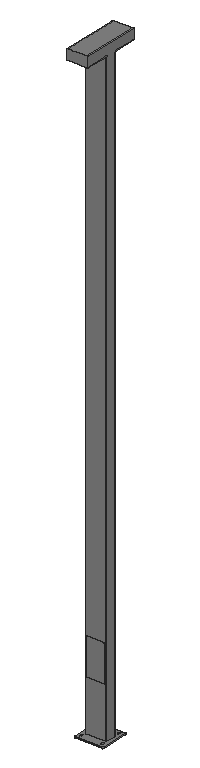
Revit family "Супремус В", category Осветительные приборы, Revit 2019 (continued)
Types (7, lengths in mm): name | Файл фотометрической сетки | built-in parameter 1150105 | Lumens | built-in parameter 1150106 | built-in parameter 1150142 | Wattage | L_общая рассеиватели | ADSK_Фактическая мощность | ADSK_Размер_Высота | ADSK_Номинальная мощность | ADSK_Наименование | ADSK_Масса_Текст | ADSK_Масса | ADSK_Артикул | 2
    9 359.7\r\n 362.4 365.6 367.8 369.4 372.0 374.4 376.6 378.5 380.1 381.7 383.1 385.2 387.4 389.4 391.3 393.3 395.2 396.7 398.3 399.2 400.1\r\n 401.1 402.0 403.6 405.2 407.2 409.2 410.2 411.7 413.4 414.7 416.0 417.0 417.8 417.8 416.8 414.8 412.3 410.0 407.1 403.0 397.9\r\n 392.1 385.6 378.3 370.7 363.5 356.1 349.1 342.8 337.4 332.5 328.5 324.8 320.4 315.5 310.0 305.0 299.7 293.1 284.6 273.4 260.3\r\n 245.3 228.2 208.9 188.3 167.9 149.8 132.5 115.7 99.6 82.5 64.0 51.6 39.5 31.9 26.4 22.1 19.3 17.1 15.5 14.0 12.6 11.3 10.3 9.3\r\n 8.4 7.6 6.8 6.2 5.6 5.1 4.4 3.9 3.6 3.2 2.8 2.4 2.2 1.9 1.6 1.3 1.2 0.9 0.8 0.7 0.6 0.6 0.6 0.7 0.7 0.7 0.7 0.7 0.7 0.8 0.0 0.0\r\n 0.0 0.0 0.0 0.0 0.0 0.0 0.0 0.0 0.0 0.0 0.0 0.0 0.0 0.0 0.0 0.0 0.0 0.0 0.0 0.0 0.0 0.0 0.0 0.0 0.0 0.0 0.0 0.0 0.0 0.0 0.0 0.0\r\n 0.0 0.0 0.0 0.0 0.0 0.0 0.0 0.0 0.0 0.0 0.0 0.0 0.0 0.0 0.0 0.0 0.0 0.0 0.0 0.0 0.0 0.0 0.0 0.0 0.0 0.0 0.0 0.0 0.0 0.0 0.0 0.0\r\n 0.0 0.0 0.0 0.0 0.0 0.0 0.0 0.0 0.0 0.0 0.0 0.0 0.0 0.0 0.0 0.0 0.0 0.0 0.0 0.0 0.0 0.0 0.0 0.0 0.0 0.0 0.0 0.0 0.0 0.0 0.0 0.0\r\n 0.0 0.0 0.0 0.0 0.0 0.0 0.0 0.0 0.0 0.0 0.0 0.0 0.0 0.0 0.0 0.0 0.0 0.0 0.0 0.0 0.0 0.0 0.0 0.0 0.0 0.0 0.0 0.0 0.0 0.0 0.0 0.0\r\n 0.0 0.0 0.0 0.0 0.0 0.0 0.0 0.0 0.0 0.0 0.0 0.0 0.0 0.0 0.0 0.0 0.0 0.0 0.0 0.0 0.0 0.0 0.0 0.0 0.0 0.0 0.0 0.0 0.0 0.0\r\n275.6 275.9 275.9 275.9 276.1 276.2 276.1 276.0 275.6 275.4 275.3 274.9 274.7 274.4 274.1 273.9 273.5 273.1 272.7 272.5 272.2\r\n 271.9 271.8 271.5 271.3 271.2 271.0 270.9 271.0 270.9 271.1 271.3 271.5 271.8 272.3 272.7 273.5 273.9 274.7 275.3 276.3 277.2\r\n 277.9 278.9 280.0 281.0 282.0 283.2 284.2 285.2 286.5 287.6 288.8 290.0 291.1 292.4 293.7 295.0 296.4 297.6 299.1 300.6 302.0\r\n 303.6 305.0 306.7 308.3 310.0 311.8 313.6 315.4 317.0 319.0 320.9 322.9 324.9 327.0 328.8 330.8 332.9 335.0 337.3 339.9 342.5\r\n 344.8 347.5 349.7 350.2 352.0 353.9 355.1 356.5 357.5 358.5 359.3 360.6 362.1 363.6 365.1 366.6 368.0 369.8 371.6 372.9 374.0\r\n 374.7 376.0 377.3 378.9 380.4 381.5 382.5 383.8 385.1 386.3 386.8 387.7 388.6 389.1 389.2 388.7 387.5 386.3 384.6 382.1 378.5\r\n 374.1 368.3 362.7 357.3 351.5 345.7 340.1 334.9 329.5 323.9 319.0 314.5 309.7 305.3 300.4 295.4 289.8 282.5 273.4 262.4 249.6\r\n 235.5 219.0 200.0 180.6 161.7 144.4 127.0 109.6 93.3 75.9 58.4 44.9 34.5 26.9 21.5 17.7 15.4 13.7 12.3 11.1 10.0 9.0 8.2 7.4 6.8\r\n 6.2 5.7 5.2 4.8 4.4 3.9 3.5 3.2 2.8 2.5 2.2 2.0 1.8 1.5 1.4 1.2 1.0 0.8 0.8 0.7 0.7 0.7 0.7 0.8 0.8 0.8 0.8 0.8 0.8 0.0 0.0 0.0\r\n 0.0 0.0 0.0 0.0 0.0 0.0 0.0 0.0 0.0 0.0 0.0 0.0 0.0 0.0 0.0 0.0 0.0 0.0 0.0 0.0 0.0 0.0 0.0 0.0 0.0 0.0 0.0 0.0 0.0 0.0 0.0 0.0\r\n 0.0 0.0 0.0 0.0 0.0 0.0 0.0 0.0 0.0 0.0 0.0 0.0 0.0 0.0 0.0 0.0 0.0 0.0 0.0 0.0 0.0 0.0 0.0 0.0 0.0 0.0 0.0 0.0 0.0 0.0 0.0 0.0\r\n 0.0 0.0 0.0 0.0 0.0 0.0 0.0 0.0 0.0 0.0 0.0 0.0 0.0 0.0 0.0 0.0 0.0 0.0 0.0 0.0 0.0 0.0 0.0 0.0 0.0 0.0 0.0 0.0 0.0 0.0 0.0 0.0\r\n 0.0 0.0 0.0 0.0 0.0 0.0 0.0 0.0 0.0 0.0 0.0 0.0 0.0 0.0 0.0 0.0 0.0 0.0 0.0 0.0 0.0 0.0 0.0 0.0 0.0 0.0 0.0 0.0 0.0 0.0 0.0 0.0\r\n 0.0 0.0 0.0 0.0 0.0 0.0 0.0 0.0 0.0 0.0 0.0 0.0 0.0 0.0 0.0 0.0 0.0 0.0 0.0 0.0 0.0 0.0 0.0 0.0 0.0 0.0 0.0 0.0 0.0\r\n275.6 275.5 275.4 275.2 275.1 274.8 274.6 274.2 273.9 273.4 273.0 272.6 272.0 271.5 271.0 270.5 269.9 269.4 269.0 268.4 267.9\r\n 267.5 267.0 266.7 266.4 266.0 265.5 265.3 265.1 264.8 264.7 264.8 264.8 265.0 265.3 265.5 265.9 266.4 266.8 267.3 268.0 268.9\r\n 269.6 270.4 271.2 271.9 272.7 273.8 274.8 275.8 276.9 277.9 279.0 280.1 281.4 282.4 283.5 284.8 286.2 287.5 288.8 290.0 291.5\r\n 293.0 294.1 295.7 297.2 298.7 300.0 301.6 303.2 304.6 306.1 307.7 309.3 311.1 312.7 314.3 315.6 317.0 318.5 320.1 321.9 323.2\r\n 325.1 326.5 328.9 329.6 330.9 332.8 333.4 334.5 335.4 336.1 336.4 337.5 338.5 339.7 340.8 342.3 343.7 345.0 346.3 347.5 348.4\r\n 349.4 350.3 351.4 352.5 353.0 353.4 354.0 354.5 354.8 355.1 355.5 355.2 355.3 355.7 355.8 355.7 355.4 354.7 353.4 352.1 349.8\r\n 346.1 341.5 337.2 332.5 328.3 323.6 319.3 316.1 311.5 306.3 301.9 296.6 291.7 286.0 280.4 274.6 268.5 262.0 253.9 244.5 233.3\r\n 221.2 207.7 192.1 176.5 159.7 142.6 125.5 108.4 91.4 75.0 57.3 42.7 31.6 24.1 18.5 15.1 13.1 11.7 10.6 9.6 8.7 7.9 7.3 6.6 6.1\r\n 5.6 5.1 4.6 4.2 3.7 3.2 2.9 2.7 2.4 2.2 2.1 2.0 1.9 1.7 1.5 1.4 1.2 1.0 1.0 0.9 0.9 0.9 1.0 1.0 1.0 1.1 1.1 1.1 1.2 0.0 0.0 0.0\r\n 0.0 0.0 0.0 0.0 0.0 0.0 0.0 0.0 0.0 0.0 0.0 0.0 0.0 0.0 0.0 0.0 0.0 0.0 0.0 0.0 0.0 0.0 0.0 0.0 0.0 0.0 0.0 0.0 0.0 0.0 0.0 0.0\r\n 0.0 0.0 0.0 0.0 0.0 0.0 0.0 0.0 0.0 0.0 0.0 0.0 0.0 0.0 0.0 0.0 0.0 0.0 0.0 0.0 0.0 0.0 0.0 0.0 0.0 0.0 0.0 0.0 0.0 0.0 0.0 0.0\r\n 0.0 0.0 0.0 0.0 0.0 0.0 0.0 0.0 0.0 0.0 0.0 0.0 0.0 0.0 0.0 0.0 0.0 0.0 0.0 0.0 0.0 0.0 0.0 0.0 0.0 0.0 0.0 0.0 0.0 0.0 0.0 0.0\r\n 0.0 0.0 0.0 0.0 0.0 0.0 0.0 0.0 0.0 0.0 0.0 0.0 0.0 0.0 0.0 0.0 0.0 0.0 0.0 0.0 0.0 0.0 0.0 0.0 0.0 0.0 0.0 0.0 0.0 0.0 0.0 0.0\r\n 0.0 0.0 0.0 0.0 0.0 0.0 0.0 0.0 0.0 0.0 0.0 0.0 0.0 0.0 0.0 0.0 0.0 0.0 0.0 0.0 0.0 0.0 0.0 0.0 0.0 0.0 0.0 0.0 0.0\r\n275.6 275.2 274.8 274.5 274.1 273.7 273.3 272.7 272.1 271.5 270.9 270.2 269.6 268.8 268.0 267.4 266.7 265.9 265.2 264.6 263.9\r\n 263.2 262.7 262.0 261.5 261.0 260.2 259.7 259.3 258.9 258.5 258.2 258.0 257.8 257.9 258.0 258.2 258.5 258.9 259.3 259.7 260.2\r\n 260.6 261.2 261.9 262.6 263.6 264.3 265.1 265.9 266.7 267.6 268.7 269.6 270.4 271.4 272.4 273.6 274.5 275.5 276.7 277.8 278.9\r\n 279.9 281.0 281.9 283.0 284.2 285.3 286.6 287.9 289.1 290.4 291.6 293.0 294.4 295.7 297.0 298.1 299.3 300.3 301.6 303.1 304.5\r\n 305.7 306.4 307.5 308.5 308.8 310.2 310.4 310.8 311.3 311.7 311.7 311.9 312.4 312.9 313.4 314.1 314.9 315.7 316.7 317.8 318.6\r\n 319.6 320.7 321.8 323.0 323.9 324.8 325.4 325.7 325.9 325.9 325.7 325.2 324.1 323.4 322.7 322.4 321.9 321.7 320.8 320.2 318.7\r\n 316.2 312.5 308.6 304.5 300.4 296.1 291.9 288.4 284.8 280.5 276.1 270.5 265.2 259.7 254.2 248.0 241.8 235.6 229.7 222.5 213.7\r\n 203.0 191.4 179.5 166.1 151.6 135.6 119.2 102.1 85.7 71.4 58.3 45.2 32.2 23.9 17.9 14.1 12.0 10.7 9.6 8.7 7.9 7.2 6.6 6.1 5.7 5.2\r\n 4.8 4.4 4.0 3.5 3.2 2.9 2.7 2.5 2.3 2.2 2.1 1.9 1.8 1.6 1.5 1.2 1.0 1.0 0.9 0.9 1.0 1.0 1.0 1.0 1.1 1.1 1.2 1.2 0.0 0.0 0.0 0.0\r\n 0.0 0.0 0.0 0.0 0.0 0.0 0.0 0.0 0.0 0.0 0.0 0.0 0.0 0.0 0.0 0.0 0.0 0.0 0.0 0.0 0.0 0.0 0.0 0.0 0.0 0.0 0.0 0.0 0.0 0.0 0.0 0.0\r\n 0.0 0.0 0.0 0.0 0.0 0.0 0.0 0.0 0.0 0.0 0.0 0.0 0.0 0.0 0.0 0.0 0.0 0.0 0.0 0.0 0.0 0.0 0.0 0.0 0.0 0.0 0.0 0.0 0.0 0.0 0.0 0.0\r\n 0.0 0.0 0.0 0.0 0.0 0.0 0.0 0.0 0.0 0.0 0.0 0.0 0.0 0.0 0.0 0.0 0.0 0.0 0.0 0.0 0.0 0.0 0.0 0.0 0.0 0.0 0.0 0.0 0.0 0.0 0.0 0.0\r\n 0.0 0.0 0.0 0.0 0.0 0.0 0.0 0.0 0.0 0.0 0.0 0.0 0.0 0.0 0.0 0.0 0.0 0.0 0.0 0.0 0.0 0.0 0.0 0.0 0.0 0.0 0.0 0.0 0.0 0.0 0.0 0.0\r\n 0.0 0.0 0.0 0.0 0.0 0.0 0.0 0.0 0.0 0.0 0.0 0.0 0.0 0.0 0.0 0.0 0.0 0.0 0.0 0.0 0.0 0.0 0.0 0.0 0.0 0.0 0.0 0.0\r\n275.6 275.2 274.5 274.0 273.4 272.7 272.1 271.4 270.5 269.9 269.0 268.1 267.4 266.4 265.5 264.6 263.7 262.7 261.8 261.0 260.0\r\n 259.0 258.2 257.4 256.6 255.8 255.1 254.4 253.6 253.0 252.5 251.7 250.9 250.6 250.4 250.0 249.8 249.9 250.2 250.3 250.3 250.4\r\n 250.6 250.8 251.3 251.7 252.2 252.6 253.0 253.6 254.0 254.3 254.9 255.4 255.9 256.6 257.1 257.7 258.1 258.8 259.4 260.0 260.6\r\n 261.5 262.0 262.7 263.2 264.0 264.8 265.6 266.5 267.4 268.5 269.4 270.1 270.9 271.8 272.7 273.5 274.3 275.1 276.2 277.2 278.4\r\n 279.3 280.0 280.5 281.4 282.5 283.0 283.9 284.0 284.3 284.8 285.1 284.9 284.9 285.3 285.8 286.0 286.3 286.7 287.1 287.7 288.3\r\n 289.0 289.8 290.8 291.9 293.1 294.0 295.0 295.8 296.3 296.6 296.7 296.3 295.7 294.9 293.8 292.9 292.1 291.7 291.1 290.0 289.0\r\n 287.3 284.7 281.3 277.5 273.9 270.2 266.6 262.9 259.0 255.9 252.6 248.2 243.2 238.1 232.5 225.7 218.5 209.9 202.3 196.5 191.3\r\n 185.1 177.2 168.1 157.3 145.9 131.6 117.3 103.1 87.9 74.3 62.3 50.9 40.6 31.5 23.6 17.7 13.9 11.5 10.2 9.1 8.3 7.5 6.8 6.3 5.8\r\n 5.4 5.0 4.6 4.1 3.6 3.2 2.9 2.8 2.6 2.5 2.4 2.4 2.3 2.0 1.6 1.4 1.2 1.0 1.0 0.9 1.0 1.0 1.0 1.1 1.1 1.1 1.2 1.2 1.2 0.0 0.0 0.0\r\n 0.0 0.0 0.0 0.0 0.0 0.0 0.0 0.0 0.0 0.0 0.0 0.0 0.0 0.0 0.0 0.0 0.0 0.0 0.0 0.0 0.0 0.0 0.0 0.0 0.0 0.0 0.0 0.0 0.0 0.0 0.0 0.0\r\n 0.0 0.0 0.0 0.0 0.0 0.0 0.0 0.0 0.0 0.0 0.0 0.0 0.0 0.0 0.0 0.0 0.0 0.0 0.0 0.0 0.0 0.0 0.0 0.0 0.0 0.0 0.0 0.0 0.0 0.0 0.0 0.0\r\n 0.0 0.0 0.0 0.0 0.0 0.0 0.0 0.0 0.0 0.0 0.0 0.0 0.0 0.0 0.0 0.0 0.0 0.0 0.0 0.0 0.0 0.0 0.0 0.0 0.0 0.0 0.0 0.0 0.0 0.0 0.0 0.0\r\n 0.0 0.0 0.0 0.0 0.0 0.0 0.0 0.0 0.0 0.0 0.0 0.0 0.0 0.0 0.0 0.0 0.0 0.0 0.0 0.0 0.0 0.0 0.0 0.0 0.0 0.0 0.0 0.0 0.0 0.0 0.0 0.0\r\n 0.0 0.0 0.0 0.0 0.0 0.0 0.0 0.0 0.0 0.0 0.0 0.0 0.0 0.0 0.0 0.0 0.0 0.0 0.0 0.0 0.0 0.0 0.0 0.0 0.0 0.0 0.0 0.0 0.0\r\n275.6 274.9 274.1 273.4 272.6 271.6 270.9 270.0 269.1 267.9 267.0 266.0 264.9 263.8 262.7 261.5 260.3 259.2 258.0 257.0 255.9\r\n 254.7 253.6 252.7 251.6 250.7 249.7 248.8 247.9 247.1 245.9 244.9 244.2 243.3 242.5 242.0 241.4 241.0 240.6 240.0 239.5 239.2\r\n 238.7 238.6 238.4 238.3 238.1 238.0 237.8 237.8 237.7 237.7 237.5 237.6 237.8 238.0 238.2 238.6 238.9 239.2 239.5 239.7 240.0\r\n 240.4 240.9 241.4 242.1 242.9 243.5 244.3 245.0 245.6 246.3 246.9 247.5 248.1 248.8 249.5 250.2 250.8 251.8 252.6 253.6 254.4\r\n 255.2 255.5 256.3 256.8 257.6 258.5 258.9 259.5 259.7 259.9 260.6 260.8 260.5 260.3 260.4 260.6 260.5 260.5 260.7 260.6 260.5\r\n 260.6 260.6 260.7 261.2 261.8 262.4 263.0 263.8 264.3 264.6 264.7 264.6 264.0 263.4 262.7 262.0 261.2 260.4 259.8 258.8 257.1\r\n 255.2 253.2 250.9 248.1 245.2 242.2 238.9 235.4 231.8 228.0 224.5 221.2 217.6 213.2 208.2 202.7 196.6 189.7 181.9 173.9 167.8\r\n 162.9 158.6 153.5 146.8 139.1 129.4 118.5 106.0 92.3 77.8 64.8 54.3 43.9 36.1 29.8 24.6 20.2 16.1 13.1 11.1 9.6 8.6 7.8 7.2 6.6\r\n 6.1 5.6 5.0 4.5 3.9 3.5 3.2 2.9 2.6 2.4 2.3 2.3 2.1 2.0 1.6 1.5 1.2 1.1 1.0 0.9 1.0 1.0 1.0 1.0 1.1 1.1 1.2 1.2 1.2 0.0 0.0 0.0\r\n 0.0 0.0 0.0 0.0 0.0 0.0 0.0 0.0 0.0 0.0 0.0 0.0 0.0 0.0 0.0 0.0 0.0 0.0 0.0 0.0 0.0 0.0 0.0 0.0 0.0 0.0 0.0 0.0 0.0 0.0 0.0 0.0\r\n 0.0 0.0 0.0 0.0 0.0 0.0 0.0 0.0 0.0 0.0 0.0 0.0 0.0 0.0 0.0 0.0 0.0 0.0 0.0 0.0 0.0 0.0 0.0 0.0 0.0 0.0 0.0 0.0 0.0 0.0 0.0 0.0\r\n 0.0 0.0 0.0 0.0 0.0 0.0 0.0 0.0 0.0 0.0 0.0 0.0 0.0 0.0 0.0 0.0 0.0 0.0 0.0 0.0 0.0 0.0 0.0 0.0 0.0 0.0 0.0 0.0 0.0 0.0 0.0 0.0\r\n 0.0 0.0 0.0 0.0 0.0 0.0 0.0 0.0 0.0 0.0 0.0 0.0 0.0 0.0 0.0 0.0 0.0 0.0 0.0 0.0 0.0 0.0 0.0 0.0 0.0 0.0 0.0 0.0 0.0 0.0 0.0 0.0\r\n 0.0 0.0 0.0 0.0 0.0 0.0 0.0 0.0 0.0 0.0 0.0 0.0 0.0 0.0 0.0 0.0 0.0 0.0 0.0 0.0 0.0 0.0 0.0 0.0 0.0 0.0 0.0 0.0 0.0\r\n275.6 274.7 273.7 272.6 271.7 270.8 269.7 268.7 267.4 266.2 265.1 263.9 262.4 261.3 259.9 258.5 257.2 255.8 254.5 253.2 251.8\r\n 250.4 249.3 248.0 246.8 245.5 244.4 243.1 241.9 240.3 238.9 237.6 236.0 234.7 233.4 232.4 231.2 230.0 228.6 227.5 226.3 225.4\r\n 224.6 223.8 223.1 222.4 221.8 221.1 220.7 220.3 220.1 219.9 219.8 219.8 219.7 219.8 219.9 220.2 220.4 220.6 220.9 221.1 221.4\r\n 222.0 222.6 222.9 223.4 223.7 224.1 224.6 224.9 225.0 225.3 225.3 225.3 225.4 225.6 225.9 226.1 226.2 226.4 226.9 227.3 227.9\r\n 228.4 228.7 228.8 229.1 229.3 229.5 230.1 230.8 230.4 230.2 229.8 229.9 230.0 229.5 228.6 228.0 227.7 227.4 226.9 226.6 226.2\r\n 225.8 225.6 225.4 225.3 225.4 225.5 225.5 225.8 226.1 226.4 226.8 226.6 225.9 225.0 224.1 223.4 223.1 222.7 222.1 221.1 219.6\r\n 217.8 216.1 214.2 211.9 209.6 206.8 203.9 200.7 197.0 193.3 188.9 184.4 179.4 174.3 169.2 163.7 157.6 151.1 144.4 137.2 131.4\r\n 125.5 119.7 116.6 114.3 111.9 107.8 102.8 96.2 88.2 78.4 67.9 57.8 48.5 40.8 34.2 28.7 24.7 21.6 19.0 16.6 14.3 11.7 9.9 8.7 7.8\r\n 7.0 6.4 5.8 5.2 4.7 4.2 3.7 3.4 3.0 2.8 2.6 2.5 2.2 2.0 1.8 1.6 1.5 1.2 1.1 1.0 1.0 1.0 1.0 1.0 1.1 1.1 1.2 1.2 1.2 0.0 0.0 0.0\r\n 0.0 0.0 0.0 0.0 0.0 0.0 0.0 0.0 0.0 0.0 0.0 0.0 0.0 0.0 0.0 0.0 0.0 0.0 0.0 0.0 0.0 0.0 0.0 0.0 0.0 0.0 0.0 0.0 0.0 0.0 0.0 0.0\r\n 0.0 0.0 0.0 0.0 0.0 0.0 0.0 0.0 0.0 0.0 0.0 0.0 0.0 0.0 0.0 0.0 0.0 0.0 0.0 0.0 0.0 0.0 0.0 0.0 0.0 0.0 0.0 0.0 0.0 0.0 0.0 0.0\r\n 0.0 0.0 0.0 0.0 0.0 0.0 0.0 0.0 0.0 0.0 0.0 0.0 0.0 0.0 0.0 0.0 0.0 0.0 0.0 0.0 0.0 0.0 0.0 0.0 0.0 0.0 0.0 0.0 0.0 0.0 0.0 0.0\r\n 0.0 0.0 0.0 0.0 0.0 0.0 0.0 0.0 0.0 0.0 0.0 0.0 0.0 0.0 0.0 0.0 0.0 0.0 0.0 0.0 0.0 0.0 0.0 0.0 0.0 0.0 0.0 0.0 0.0 0.0 0.0 0.0\r\n 0.0 0.0 0.0 0.0 0.0 0.0 0.0 0.0 0.0 0.0 0.0 0.0 0.0 0.0 0.0 0.0 0.0 0.0 0.0 0.0 0.0 0.0 0.0 0.0 0.0 0.0 0.0 0.0 0.0\r\n275.6 274.6 273.4 272.1 271.1 269.8 268.5 267.3 266.0 264.4 263.0 261.6 260.1 258.8 257.1 255.6 254.0 252.5 251.0 249.5 247.9\r\n 246.5 244.8 243.1 241.4 239.7 238.0 236.4 234.5 232.3 230.5 228.7 226.9 224.8 223.1 221.6 219.9 218.2 216.4 214.9 213.4 212.4\r\n 211.4 210.5 209.4 208.6 208.0 207.3 206.6 206.1 205.7 205.5 205.2 205.0 204.9 204.4 204.3 204.2 204.2 204.0 204.0 204.1 204.1\r\n 203.9 203.8 203.8 203.4 203.3 203.0 202.6 202.3 201.7 201.2 200.7 199.9 199.2 198.8 198.2 197.8 197.1 196.7 196.3 196.0 195.8\r\n 195.8 195.7 195.7 195.5 195.5 195.4 195.3 195.3 195.4 195.5 195.0 194.3 194.0 193.8 193.5 192.7 191.5 190.9 190.5 189.9 189.4\r\n 188.9 188.5 188.2 187.9 187.7 187.4 187.2 187.0 187.1 187.0 186.8 186.7 186.5 186.2 185.5 184.8 184.0 183.3 182.8 181.7 180.7\r\n 179.5 178.0 176.6 175.4 174.2 172.8 171.0 169.2 167.1 164.8 162.5 159.4 155.3 150.6 145.3 139.8 134.3 128.4 122.4 115.1 107.4\r\n 99.8 93.2 88.1 84.4 81.5 78.5 75.9 73.3 70.2 65.2 60.2 55.2 49.6 44.0 38.8 33.8 29.2 25.2 22.1 19.6 17.3 15.4 13.8 12.2 10.6 9.1\r\n 8.1 7.3 6.6 5.9 5.2 4.7 4.2 3.8 3.4 3.1 2.8 2.6 2.3 2.0 1.8 1.6 1.5 1.5 1.3 1.3 1.2 1.1 1.1 1.1 1.1 1.1 1.1 1.2 0.0 0.0 0.0 0.0\r\n 0.0 0.0 0.0 0.0 0.0 0.0 0.0 0.0 0.0 0.0 0.0 0.0 0.0 0.0 0.0 0.0 0.0 0.0 0.0 0.0 0.0 0.0 0.0 0.0 0.0 0.0 0.0 0.0 0.0 0.0 0.0 0.0\r\n 0.0 0.0 0.0 0.0 0.0 0.0 0.0 0.0 0.0 0.0 0.0 0.0 0.0 0.0 0.0 0.0 0.0 0.0 0.0 0.0 0.0 0.0 0.0 0.0 0.0 0.0 0.0 0.0 0.0 0.0 0.0 0.0\r\n 0.0 0.0 0.0 0.0 0.0 0.0 0.0 0.0 0.0 0.0 0.0 0.0 0.0 0.0 0.0 0.0 0.0 0.0 0.0 0.0 0.0 0.0 0.0 0.0 0.0 0.0 0.0 0.0 0.0 0.0 0.0 0.0\r\n 0.0 0.0 0.0 0.0 0.0 0.0 0.0 0.0 0.0 0.0 0.0 0.0 0.0 0.0 0.0 0.0 0.0 0.0 0.0 0.0 0.0 0.0 0.0 0.0 0.0 0.0 0.0 0.0 0.0 0.0 0.0 0.0\r\n 0.0 0.0 0.0 0.0 0.0 0.0 0.0 0.0 0.0 0.0 0.0 0.0 0.0 0.0 0.0 0.0 0.0 0.0 0.0 0.0 0.0 0.0 0.0 0.0 0.0 0.0 0.0 0.0\r\n275.6 274.4 273.0 271.7 270.3 269.0 267.5 266.1 264.5 262.9 261.3 259.7 258.0 256.4 254.6 252.9 251.3 249.4 247.8 245.9 244.0\r\n 242.0 240.0 237.8 235.5 233.2 231.0 228.7 226.1 223.7 221.8 219.6 217.5 215.5 213.8 212.3 210.5 208.7 206.9 205.4 203.9 202.7\r\n 201.5 200.2 199.0 197.6 196.3 195.0 193.6 192.4 191.5 190.5 189.6 188.9 188.3 187.4 186.7 186.2 185.6 185.1 184.4 183.7 183.0\r\n 182.0 181.1 180.1 179.2 178.2 176.9 175.7 174.6 173.5 172.6 171.7 170.9 170.0 169.0 168.3 167.4 166.6 165.9 165.1 164.3 163.6\r\n 162.7 161.8 161.2 160.3 159.6 159.0 158.3 157.4 156.7 156.1 155.4 154.8 154.4 153.4 152.6 152.1 151.6 150.6 149.5 148.3 147.4\r\n 146.6 145.5 144.7 143.8 143.0 142.4 142.0 141.7 141.4 141.3 141.2 141.1 140.9 140.5 140.0 139.4 138.7 138.1 137.5 136.9 136.1\r\n 135.1 134.4 133.6 132.6 131.9 130.8 129.3 128.1 127.1 125.5 124.1 122.5 120.8 118.8 116.6 113.6 110.3 106.0 101.5 96.1 90.3 84.8\r\n 78.4 71.8 65.7 60.8 56.8 53.2 50.0 47.0 44.8 43.3 41.9 40.1 37.9 35.8 33.8 32.0 30.2 28.2 26.1 24.0 21.7 19.4 17.3 15.6 14.1 12.7\r\n 11.4 10.3 9.3 8.3 7.4 6.3 5.1 4.4 4.0 3.6 3.1 2.7 2.4 2.2 2.0 1.9 2.1 1.9 1.9 1.6 1.4 1.3 1.2 1.1 1.2 1.2 1.2 0.0 0.0 0.0 0.0 0.0\r\n 0.0 0.0 0.0 0.0 0.0 0.0 0.0 0.0 0.0 0.0 0.0 0.0 0.0 0.0 0.0 0.0 0.0 0.0 0.0 0.0 0.0 0.0 0.0 0.0 0.0 0.0 0.0 0.0 0.0 0.0 0.0 0.0\r\n 0.0 0.0 0.0 0.0 0.0 0.0 0.0 0.0 0.0 0.0 0.0 0.0 0.0 0.0 0.0 0.0 0.0 0.0 0.0 0.0 0.0 0.0 0.0 0.0 0.0 0.0 0.0 0.0 0.0 0.0 0.0 0.0\r\n 0.0 0.0 0.0 0.0 0.0 0.0 0.0 0.0 0.0 0.0 0.0 0.0 0.0 0.0 0.0 0.0 0.0 0.0 0.0 0.0 0.0 0.0 0.0 0.0 0.0 0.0 0.0 0.0 0.0 0.0 0.0 0.0\r\n 0.0 0.0 0.0 0.0 0.0 0.0 0.0 0.0 0.0 0.0 0.0 0.0 0.0 0.0 0.0 0.0 0.0 0.0 0.0 0.0 0.0 0.0 0.0 0.0 0.0 0.0 0.0 0.0 0.0 0.0 0.0 0.0\r\n 0.0 0.0 0.0 0.0 0.0 0.0 0.0 0.0 0.0 0.0 0.0 0.0 0.0 0.0 0.0 0.0 0.0 0.0 0.0 0.0 0.0 0.0 0.0 0.0 0.0 0.0 0.0\r\n275.6 274.2 272.5 271.1 269.7 268.0 266.5 264.8 263.0 261.3 259.6 257.7 255.8 254.0 252.2 250.3 248.2 246.3 244.2 241.8 239.5\r\n 236.9 234.2 231.3 228.6 225.9 223.4 220.9 218.2 215.8 213.9 212.1 210.2 208.3 206.6 204.9 203.1 200.8 198.8 196.8 194.9 193.1\r\n 191.4 189.6 187.9 186.1 184.2 182.6 180.8 179.1 177.3 175.6 174.0 172.2 170.5 168.9 167.6 166.3 164.9 163.6 162.
